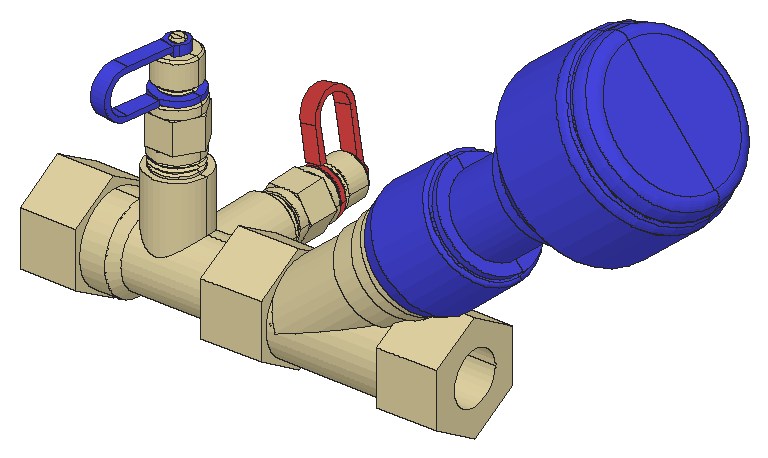
Revit family "DA02870000", category Apparecchi idraulici, Revit 2020
Family settings
  Quota connettore circolare = Usa diametro
  Tipo di parte = Normale
  Numero OmniClass = 23.45.00.00
  Titolo OmniClass = Sanitary, Laundry, and Cleaning Equipment
  Basato su piano di lavoro = No
  Sempre verticale = Sì
  Taglio con vuoti quando caricato = No
  Condiviso = No
  Punto di calcolo locali = No
Parameters
  URL = "https://web.cimberio.com/index.php/figura/849?subcategoria_id=20488"
  Temperatura di esercizio = "-10 ÷ 120°C"
  Prospetto di default = 0 mm
  Produttore = "CIMBERIO SPA"
  Pressione nominale = "PN 20"
  Modello = "Cim 737OT"
  Materiale = "Prodotto in lega di ottone conforme alla norma EN 1982-CC754S"
  Descrizione = "Utilizzato nei più svariati settori dell'impiantistica: impianti di riscaldamento, condizionamento, idrici, igienico-sanitari e in generale con ogni fluido non corrosivo"
  DN Model [instance] = DA02871015 : DA02871015
  DN [instance] = 15 mm
  Commenti sul tipo = "Realizzato in ottemperanza ai requisiti gestionali della norma EN ISO 9001.\r\nCollaudato al 100% secondo la normativa EN 12266-1"
Reference planes
  plane 1 "Centro (Fronte/Retro)": y = 0
  plane 2: z = 0
  plane 3 "Centro (Sinistra/Destra)": x = 0
Dimensions and locks
  aligned and locked: level to plane 2
Nested families
  nested 1: "DA02871015" at (0, 0, 0), type <- "DN Model", type "DA02871015"
  nested 2: "DA02871015" at (0, 0, 0), type <- "DN Model", type "DA02871015"
  nested 3: "DA02871015" at (0, 0, 0), type <- "DN Model", type "DA02871015"
  nested 4: "DA02871015" at (0, 0, 0), type <- "DN Model", type "DA02871015"
  nested 5: "DA02871015" at (0, 0, 0), type <- "DN Model", type "DA02871015"
  nested 6: "DA02871015" at (0, 0, 0), type <- "DN Model", type "DA02871015"
Connectors
  piping at (62.5, 0, 0), diameter 15, driven by "DN"
    settings: on nested 1, index 1, connector inside diameter 609.6 mm, connector length 0 mm, flow factor 0, pipe flow 0.0 L/s, pressure drop 0.0 Pa, fitting loss kfactor 0, connector angle 0.00°, fixture units 0, engagement length 0 mm, angle of deflection 0.00°, flow configuration 0, flow direction 0, fitting loss method 0, system type 7, joint type 0, gender type 0, connector reference index -1, connector utility 0, adjustable connector no, is connector primary yes, connector description ""
  piping at (-57.462, 0, 0), diameter 15, driven by "DN"
    settings: on nested 1, index 2, connector inside diameter 609.6 mm, connector length 0 mm, flow factor 0, pipe flow 0.0 L/s, pressure drop 0.0 Pa, fitting loss kfactor 0, connector angle 0.00°, fixture units 0, engagement length 0 mm, angle of deflection 0.00°, flow configuration 0, flow direction 0, fitting loss method 0, system type 7, joint type 0, gender type 0, connector reference index -1, connector utility 0, adjustable connector no, is connector primary no, connector description ""
Definition of nested family "DA02871015"
  Parameters (values of type "DA02871015")
    URL = ""
    Temperatura di esercizio = ""
    Default Elevation = 0 mm
    Manufacturer = ""
    Pressione nominale = ""
    Model = ""
    Materiale = ""
    Description = ""
    Type Comments = ""
  Reference planes
    plane 1 "Centro (Fronte/Retro)": y = 0
    plane 2: z = 0
    plane 3 "Centro (Sinistra/Destra)": x = 0
  Forms (mm)
    Revolve 1, solid
      sketch origin (5, 0, 0) x (1, 0, 0) y (0, 0, 1)
        loop
          line (-36.5, 10) -> (-39, 12.5) -> (-46.5, 12.5) -> (-46.5, 7.5) -> (-2.559, 7.5) -> (-2.559, 10) -> (-36.5, 10)
        axis (-46.5, 0) -> (-2.559, 0)
      angle from 0 to 360
    Extrusion 2, solid
      sketch origin (0, 0, 0) x (0, 1, 0) y (0, 0, 1)
        loop
          circle (0, 0) r 7.5
        loop
          line (0, 15.75) -> (-13.64, 7.875) -> (-13.64, -7.875) -> (0, -15.75) -> (13.64, -7.875) -> (13.64, 7.875) -> (0, 15.75)
      from -57.462 to -41.5
    Extrusion 3, solid
      sketch origin (57.876, 0, 0) x (0, 1, 0) y (0, 0, 1)
        loop
          circle (0, 0) r 7.5
        loop
          line (0, 15.5) -> (-13.423, 7.75) -> (-13.423, -7.75) -> (0, -15.5) -> (13.423, -7.75) -> (13.423, 7.75) -> (0, 15.5)
      from -63.376 to -46.067
    Extrusion 4, solid
      sketch origin (108.567, 0, 0) x (0, 1, 0) y (0, 0, 1)
        loop
          circle (0, 0) r 7.5
        loop
          line (0, 15.5) -> (-13.423, 7.75) -> (-13.423, -7.75) -> (0, -15.5) -> (13.423, -7.75) -> (13.423, 7.75) -> (0, 15.5)
      from -63.376 to -46.067
    Revolve 5, solid
      sketch origin (0, 0, 0) x (1, 0, 0) y (0, 0, 1)
        loop
          line (11.809, -12) -> (45.191, -12) -> (45.191, -7.5) -> (11.809, -7.5) -> (11.809, -12)
        axis (11.809, 0) -> (45.191, 0)
      angle from 0 to 360
    Revolve 6, solid
      sketch origin (0, 0, 0) x (1, 0, 0) y (0, 0, 1)
        loop
          line (35.278, 36.689) -> (35.185, 35.633) -> (32.313, 33.222) -> (32.313, 31.917) -> (26.827, 27.314) -> (26.827, 26.008) -> (6.788, 9.194) -> (14.502, 0) -> (46.674, 26.996) -> (37.675, 37.722) -> (36.79, 37.959) -> (35.278, 36.689)
        axis (46.674, 26.996) -> (14.502, 0)
      angle from 0 to 360
    Revolve 7, solid
      sketch origin (0, 0, 0) x (1, 0, 0) y (0, 0, 1)
        loop
          arc (103.336, 104.286) -> (101.361, 103.54) -> (99.587, 102.397) r 10
          line (99.587, 102.397) -> (114.852, 84.204) -> (119.295, 87.933) -> (106.786, 102.84)
          arc (106.786, 102.84) -> (105.283, 104.094) -> (103.336, 104.286) r 3.329
        axis (114.852, 84.204) -> (119.295, 87.933)
      angle from 0 to 360
    Revolve 8, solid
      sketch origin (0, 0, 0) x (1, 0, 0) y (0, 0, 1)
        loop
          line (110.298, 89.632) -> (99.425, 102.59)
          arc (99.425, 102.59) -> (98.914, 102.558) -> (98.404, 102.517) r 30
          arc (98.404, 102.517) -> (96.935, 102.147) -> (95.643, 101.356) r 5.027
          line (95.643, 101.356) -> (78.324, 86.843) -> (75.487, 70.756) -> (73.419, 69.02) -> (75.54, 66.492) -> (59.453, 52.994) -> (57.332, 55.522) -> (55.8, 54.236) -> (60.884, 48.169) -> (110.298, 89.632)
        axis (65.439, 42.741) -> (114.852, 84.204)
      angle from 0 to 360
    Revolve 9, solid
      sketch origin (0, 0, 0) x (1, 0, 0) y (0, 0, 1)
        loop
          arc (55.371, 54.748) -> (54.7, 55.101) -> (53.975, 54.882) r 1
          line (53.975, 54.882) -> (39.198, 42.916) -> (36.712, 38.869) -> (46.674, 26.996) -> (65.443, 42.745) -> (55.371, 54.748)
        axis (46.674, 26.996) -> (65.443, 42.745)
      angle from 0 to 360
    Revolve 10, solid
      sketch origin (5, 0, 0) x (1, 0, 0) y (0, 0, 1)
        loop
          line (-36.5, 25) -> (-36.5, 4.031) -> (-29.198, 4.031) -> (-29.198, 25) -> (-36.5, 25)
        axis (-28, 25) -> (-28, 4.031)
      angle from 0 to 360
    Revolve 11, solid
      sketch origin (4.687, 0, 0.156) x (1, 0, 0) y (0, 0, 1)
        loop
          line (-31.35, 31.339) -> (-35, 31.339) -> (-35, 28.5) -> (-34.171, 28.5) -> (-34.761, 27.797) -> (-33.904, 27.196) -> (-34.744, 26.54) -> (-33.865, 25.854) -> (-34.698, 25.313) -> (-34.698, 24.529) -> (-31.35, 24.529) -> (-31.35, 31.339)
        axis (-28, 31.339) -> (-28, 24.529)
      angle from 0 to 360
    Extrusion 12, solid
      sketch origin (5, 0, 0) x (1, 0, 0) y (0, 1, 0)
        loop
          line (-19.917, 0) -> (-23.959, 7) -> (-32.041, 7) -> (-36.083, 0) -> (-32.041, -7) -> (-23.959, -7) -> (-19.917, 0)
      from 31.5 to 40.5
    Revolve 13, solid
      sketch origin (5, 0, 0) x (1, 0, 0) y (0, 0, 1)
        loop
          line (-28, 58.5) -> (-28, 43.5) -> (-23.981, 43.5) -> (-23.981, 45.013) -> (-23.232, 45.641) -> (-23.871, 46.178) -> (-23.25, 46.699) -> (-24.539, 48.503) -> (-26.851, 48.503) -> (-26.851, 56.898) -> (-25.996, 56.898) -> (-25.996, 57.749)
          arc (-25.996, 57.749) -> (-26.065, 58.158) -> (-26.3, 58.5) r 0.959
          line (-26.3, 58.5) -> (-28, 58.5)
        axis (-28, 43.5) -> (-28, 58.5)
      angle from 0 to 360
    Revolve 14, solid
      sketch origin (5, 0, 0) x (1, 0, 0) y (0, 0, 1)
        loop
          line (-25.317, 43.5) -> (-25.317, 40.5) -> (-21, 40.5) -> (-21, 42.86) -> (-21.5, 43.5) -> (-25.317, 43.5)
        axis (-28.161, 43.5) -> (-28.161, 40.5)
      angle from 0 to 360
    Revolve 15, solid
      sketch origin (5, 0, 0) x (1, 0, 0) y (0, 0, 1)
        loop
          line (-26.85, 55) -> (-26.85, 47) -> (-22.64, 47) -> (-22, 47.5) -> (-22, 54.36) -> (-22.5, 55) -> (-26.85, 55)
        axis (-28.161, 47) -> (-28.161, 55)
      angle from 0 to 360
    Extrusion 16, solid
      sketch origin (5, 0, 0) x (1, 0, 0) y (0, 1, 0)
        loop
          arc (-25.736, -2.332) -> (-27.442, 3.202) -> (-30.92, -1.428) r 3.25
          arc (-30.92, -1.428) -> (-30.736, -2.025) -> (-30.746, -2.65) r 2
          line (-30.746, -2.65) -> (-26.313, -3.423)
          arc (-26.313, -3.423) -> (-26.111, -2.832) -> (-25.736, -2.332) r 2
        loop
          circle (-28, 0) r 2
      from 55 to 57.708
    Revolve 17, solid
      sketch origin (5, 0, 0) x (1, 0, 0) y (0, 0, 1)
        loop
          line (-21.25, 45.199) -> (-23.981, 45.199) -> (-23.981, 43.703) -> (-21.25, 43.703) -> (-21.25, 45.199)
        axis (-28.161, 43.703) -> (-28.161, 45.199)
      angle from 0 to 360
    Extrusion 18, solid
      sketch origin (5.288, -4.88, 0) x (0.156434, 0.987688, 0) y (0, 0, 1)
        loop
          line (-2.65, 56.208) -> (-2.65, 57.708) -> (-16.853, 57.708)
          arc (-16.853, 57.708) -> (-23.774, 50.708) -> (-16.853, 43.708) r 7
          line (-16.853, 43.708) -> (-7.148, 43.708) -> (-7.148, 45.208) -> (-16.853, 45.208)
          arc (-16.853, 45.208) -> (-22.287, 50.708) -> (-16.853, 56.208) r 5.5
          line (-16.853, 56.208) -> (-2.65, 56.208)
      from -31.148 to -26.632
    Revolve 19, solid
      sketch origin (10.49, -0.028, 0.208) x (1, 0, 0) y (0, 1, 0)
        loop
          line (-36.5, 25) -> (-36.5, 4.031) -> (-29.198, 4.031) -> (-29.198, 25) -> (-36.5, 25)
        axis (-28, 25) -> (-28, 4.031)
      angle from 0 to 360
    Revolve 20, solid
      sketch origin (10.49, 0.128, 0.208) x (1, 0, 0) y (0, 1, 0)
        loop
          line (-31.35, 31.339) -> (-35, 31.339) -> (-35, 28.5) -> (-34.171, 28.5) -> (-34.761, 27.797) -> (-33.904, 27.196) -> (-34.744, 26.54) -> (-33.865, 25.854) -> (-34.698, 25.313) -> (-34.698, 24.529) -> (-31.35, 24.529) -> (-31.35, 31.339)
        axis (-28, 31.339) -> (-28, 24.529)
      angle from 0 to 360
    Extrusion 21, solid
      sketch origin (10.49, -0.028, 0.208) x (1, 0, 0) y (0, 0, -1)
        loop
          line (-19.917, 0) -> (-23.959, 7) -> (-32.041, 7) -> (-36.083, 0) -> (-32.041, -7) -> (-23.959, -7) -> (-19.917, 0)
      from 31.5 to 40.5
    Revolve 22, solid
      sketch origin (10.49, -0.028, 0.208) x (1, 0, 0) y (0, 1, 0)
        loop
          line (-28, 58.5) -> (-28, 43.5) -> (-23.981, 43.5) -> (-23.981, 45.013) -> (-23.232, 45.641) -> (-23.871, 46.178) -> (-23.25, 46.699) -> (-24.539, 48.503) -> (-26.851, 48.503) -> (-26.851, 56.898) -> (-25.996, 56.898) -> (-25.996, 57.749)
          arc (-25.996, 57.749) -> (-26.065, 58.158) -> (-26.3, 58.5) r 0.959
          line (-26.3, 58.5) -> (-28, 58.5)
        axis (-28, 43.5) -> (-28, 58.5)
      angle from 0 to 360
    Revolve 23, solid
      sketch origin (10.49, -0.028, 0.208) x (1, 0, 0) y (0, 1, 0)
        loop
          line (-25.317, 43.5) -> (-25.317, 40.5) -> (-21, 40.5) -> (-21, 42.86) -> (-21.5, 43.5) -> (-25.317, 43.5)
        axis (-28.161, 43.5) -> (-28.161, 40.5)
      angle from 0 to 360
    Revolve 24, solid
      sketch origin (10.49, -0.028, 0.208) x (1, 0, 0) y (0, 1, 0)
        loop
          line (-26.85, 55) -> (-26.85, 47) -> (-22.64, 47) -> (-22, 47.5) -> (-22, 54.36) -> (-22.5, 55) -> (-26.85, 55)
        axis (-28.161, 47) -> (-28.161, 55)
      angle from 0 to 360
    Extrusion 25, solid
      sketch origin (10.49, -0.028, 0.208) x (1, 0, 0) y (0, 0, -1)
        loop
          arc (-25.736, -2.332) -> (-27.442, 3.202) -> (-30.92, -1.428) r 3.25
          arc (-30.92, -1.428) -> (-30.736, -2.025) -> (-30.746, -2.65) r 2
          line (-30.746, -2.65) -> (-26.313, -3.423)
          arc (-26.313, -3.423) -> (-26.111, -2.832) -> (-25.736, -2.332) r 2
        loop
          circle (-28, 0) r 2
      from 55 to 57.708
    Revolve 26, solid
      sketch origin (10.49, -0.028, 0.208) x (1, 0, 0) y (0, 1, 0)
        loop
          line (-21.25, 45.199) -> (-23.981, 45.199) -> (-23.981, 43.703) -> (-21.25, 43.703) -> (-21.25, 45.199)
        axis (-28.161, 43.703) -> (-28.161, 45.199)
      angle from 0 to 360
    Extrusion 27, solid
      sketch origin (10.778, -0.028, 5.088) x (0.156434, 0, -0.987688) y (0, 1, 0)
        loop
          line (-2.65, 56.208) -> (-2.65, 57.708) -> (-16.853, 57.708)
          arc (-16.853, 57.708) -> (-23.774, 50.708) -> (-16.853, 43.708) r 7
          line (-16.853, 43.708) -> (-7.148, 43.708) -> (-7.148, 45.208) -> (-16.853, 45.208)
          arc (-16.853, 45.208) -> (-22.287, 50.708) -> (-16.853, 56.208) r 5.5
          line (-16.853, 56.208) -> (-2.65, 56.208)
      from -31.148 to -26.632
  Dimensions and locks
    aligned and locked: level to plane 2
